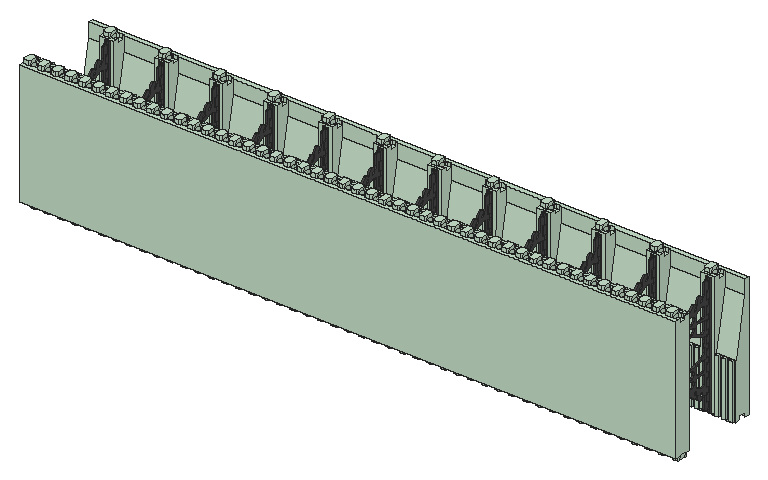
Revit family (continued)
Forms (mm)
  Extrusion 54, void
    sketch origin (1574.8, -0.018, 0) x (-1, 0, 0) y (0, -1, 0)
      loop
        arc (50.8, -101.014) -> (50.362, -98.696) -> (49.108, -96.698) r 6.35
        arc (49.108, -96.698) -> (48.795, -96.199) -> (48.685, -95.62) r 1.588
        line (48.685, -95.62) -> (48.685, -86.829) -> (44.346, -86.829) -> (44.346, -92.457)
        arc (44.346, -92.457) -> (43.786, -93.668) -> (42.5, -94.024) r 1.587
        arc (42.5, -94.024) -> (36.091, -93.737) -> (29.796, -94.972) r 26.988
        arc (29.796, -94.972) -> (26.615, -97.278) -> (25.4, -101.014) r 6.35
        line (25.4, -101.014) -> (25.4, -124.411)
    from 457.2 to 444.5
  Extrusion 55, void
    sketch origin (1371.6, -0.018, 0) x (-1, 0, 0) y (0, -1, 0)
      loop
        arc (25.4, -124.411) -> (26.615, -128.147) -> (29.796, -130.453) r 6.35
        arc (29.796, -130.453) -> (38.1, -131.763) -> (46.404, -130.453) r 26.987
        arc (46.404, -130.453) -> (49.585, -128.147) -> (50.8, -124.411) r 6.35
        line (50.8, -124.411) -> (50.8, -101.014)
        arc (50.8, -101.014) -> (50.362, -98.696) -> (49.108, -96.698) r 6.35
        arc (49.108, -96.698) -> (48.795, -96.199) -> (48.685, -95.62) r 1.588
        line (48.685, -95.62) -> (48.685, -86.829) -> (44.346, -86.829) -> (44.346, -92.457)
        arc (44.346, -92.457) -> (43.786, -93.668) -> (42.5, -94.024) r 1.587
        arc (42.5, -94.024) -> (36.091, -93.737) -> (29.796, -94.972) r 26.988
        arc (29.796, -94.972) -> (26.615, -97.278) -> (25.4, -101.014) r 6.35
        line (25.4, -101.014) -> (25.4, -124.411)
    from 457.2 to 444.5
  Extrusion 56, void
    sketch origin (1168.4, -0.018, 0) x (-1, 0, 0) y (0, -1, 0)
      loop
        arc (25.4, -124.411) -> (26.615, -128.147) -> (29.796, -130.453) r 6.35
        arc (29.796, -130.453) -> (38.1, -131.763) -> (46.404, -130.453) r 26.987
        arc (46.404, -130.453) -> (49.585, -128.147) -> (50.8, -124.411) r 6.35
        line (50.8, -124.411) -> (50.8, -101.014)
        arc (50.8, -101.014) -> (50.362, -98.696) -> (49.108, -96.698) r 6.35
        arc (49.108, -96.698) -> (48.795, -96.199) -> (48.685, -95.62) r 1.588
        line (48.685, -95.62) -> (48.685, -86.829) -> (44.346, -86.829) -> (44.346, -92.457)
        arc (44.346, -92.457) -> (43.786, -93.668) -> (42.5, -94.024) r 1.587
        arc (42.5, -94.024) -> (36.091, -93.737) -> (29.796, -94.972) r 26.988
        arc (29.796, -94.972) -> (26.615, -97.278) -> (25.4, -101.014) r 6.35
        line (25.4, -101.014) -> (25.4, -124.411)
    from 457.2 to 444.5
  Extrusion 57, void
    sketch origin (965.2, -0.018, 0) x (-1, 0, 0) y (0, -1, 0)
      loop
        arc (25.4, -124.411) -> (26.615, -128.147) -> (29.796, -130.453) r 6.35
        arc (29.796, -130.453) -> (38.1, -131.763) -> (46.404, -130.453) r 26.987
        arc (46.404, -130.453) -> (49.585, -128.147) -> (50.8, -124.411) r 6.35
        line (50.8, -124.411) -> (50.8, -101.014)
        arc (50.8, -101.014) -> (50.362, -98.696) -> (49.108, -96.698) r 6.35
        arc (49.108, -96.698) -> (48.795, -96.199) -> (48.685, -95.62) r 1.588
        line (48.685, -95.62) -> (48.685, -86.829) -> (44.346, -86.829) -> (44.346, -92.457)
        arc (44.346, -92.457) -> (43.786, -93.668) -> (42.5, -94.024) r 1.587
        arc (42.5, -94.024) -> (36.091, -93.737) -> (29.796, -94.972) r 26.988
        arc (29.796, -94.972) -> (26.615, -97.278) -> (25.4, -101.014) r 6.35
        line (25.4, -101.014) -> (25.4, -124.411)
    from 457.2 to 444.5
  Extrusion 58, void
    sketch origin (762, -0.018, 0) x (-1, 0, 0) y (0, -1, 0)
      loop
        arc (25.4, -124.411) -> (26.615, -128.147) -> (29.796, -130.453) r 6.35
        arc (29.796, -130.453) -> (38.1, -131.763) -> (46.404, -130.453) r 26.987
        arc (46.404, -130.453) -> (49.585, -128.147) -> (50.8, -124.411) r 6.35
        line (50.8, -124.411) -> (50.8, -101.014)
        arc (50.8, -101.014) -> (50.362, -98.696) -> (49.108, -96.698) r 6.35
        arc (49.108, -96.698) -> (48.795, -96.199) -> (48.685, -95.62) r 1.588
        line (48.685, -95.62) -> (48.685, -86.829) -> (44.346, -86.829) -> (44.346, -92.457)
        arc (44.346, -92.457) -> (43.786, -93.668) -> (42.5, -94.024) r 1.587
        arc (42.5, -94.024) -> (36.091, -93.737) -> (29.796, -94.972) r 26.988
        arc (29.796, -94.972) -> (26.615, -97.278) -> (25.4, -101.014) r 6.35
        line (25.4, -101.014) -> (25.4, -124.411)
    from 457.2 to 444.5
  Extrusion 59, void
    sketch origin (558.8, -0.018, 0) x (-1, 0, 0) y (0, -1, 0)
      loop
        arc (25.4, -124.411) -> (26.615, -128.147) -> (29.796, -130.453) r 6.35
        arc (29.796, -130.453) -> (38.1, -131.763) -> (46.404, -130.453) r 26.987
        arc (46.404, -130.453) -> (49.585, -128.147) -> (50.8, -124.411) r 6.35
        line (50.8, -124.411) -> (50.8, -101.014)
        arc (50.8, -101.014) -> (50.362, -98.696) -> (49.108, -96.698) r 6.35
        arc (49.108, -96.698) -> (48.795, -96.199) -> (48.685, -95.62) r 1.588
        line (48.685, -95.62) -> (48.685, -86.829) -> (44.346, -86.829) -> (44.346, -92.457)
        arc (44.346, -92.457) -> (43.786, -93.668) -> (42.5, -94.024) r 1.587
        arc (42.5, -94.024) -> (36.091, -93.737) -> (29.796, -94.972) r 26.988
        arc (29.796, -94.972) -> (26.615, -97.278) -> (25.4, -101.014) r 6.35
        line (25.4, -101.014) -> (25.4, -124.411)
    from 457.2 to 444.5
  Extrusion 60, void
    sketch origin (355.6, -0.018, 0) x (-1, 0, 0) y (0, -1, 0)
      loop
        arc (25.4, -124.411) -> (26.615, -128.147) -> (29.796, -130.453) r 6.35
        arc (29.796, -130.453) -> (38.1, -131.763) -> (46.404, -130.453) r 26.987
        arc (46.404, -130.453) -> (49.585, -128.147) -> (50.8, -124.411) r 6.35
        line (50.8, -124.411) -> (50.8, -101.014)
        arc (50.8, -101.014) -> (50.362, -98.696) -> (49.108, -96.698) r 6.35
        arc (49.108, -96.698) -> (48.795, -96.199) -> (48.685, -95.62) r 1.588
        line (48.685, -95.62) -> (48.685, -86.829) -> (44.346, -86.829) -> (44.346, -92.457)
        arc (44.346, -92.457) -> (43.786, -93.668) -> (42.5, -94.024) r 1.587
        arc (42.5, -94.024) -> (36.091, -93.737) -> (29.796, -94.972) r 26.988
        arc (29.796, -94.972) -> (26.615, -97.278) -> (25.4, -101.014) r 6.35
        line (25.4, -101.014) -> (25.4, -124.411)
    from 457.2 to 444.5
  Extrusion 61, void
    sketch origin (152.4, -0.018, 0) x (-1, 0, 0) y (0, -1, 0)
      loop
        arc (25.4, -124.411) -> (26.615, -128.147) -> (29.796, -130.453) r 6.35
        arc (29.796, -130.453) -> (38.1, -131.763) -> (46.404, -130.453) r 26.987
        arc (46.404, -130.453) -> (49.585, -128.147) -> (50.8, -124.411) r 6.35
        line (50.8, -124.411) -> (50.8, -101.014)
        arc (50.8, -101.014) -> (50.362, -98.696) -> (49.108, -96.698) r 6.35
        arc (49.108, -96.698) -> (48.795, -96.199) -> (48.685, -95.62) r 1.588
        line (48.685, -95.62) -> (48.685, -86.829) -> (44.346, -86.829) -> (44.346, -92.457)
        arc (44.346, -92.457) -> (43.786, -93.668) -> (42.5, -94.024) r 1.587
        arc (42.5, -94.024) -> (36.091, -93.737) -> (29.796, -94.972) r 26.988
        arc (29.796, -94.972) -> (26.615, -97.278) -> (25.4, -101.014) r 6.35
        line (25.4, -101.014) -> (25.4, -124.411)
    from 457.2 to 444.5
  Extrusion 62, void
    sketch origin (50.8, -50.818, 0) x (-1, 0, 0) y (0, -1, 0)
      loop
        line (25.4, 124.411) -> (25.4, 101.014)
        arc (25.4, 101.014) -> (26.615, 97.278) -> (29.796, 94.972) r 6.35
        arc (29.796, 94.972) -> (36.091, 93.737) -> (42.5, 94.024) r 26.988
        arc (42.5, 94.024) -> (43.786, 93.668) -> (44.346, 92.457) r 1.587
        line (44.346, 92.457) -> (44.346, 86.829) -> (48.685, 86.829) -> (48.685, 95.62)
        arc (48.685, 95.62) -> (48.795, 96.199) -> (49.108, 96.698) r 1.588
        arc (49.108, 96.698) -> (50.362, 98.696) -> (50.8, 101.014) r 6.35
        line (50.8, 101.014) -> (50.8, 124.411)
        arc (50.8, 124.411) -> (49.585, 128.147) -> (46.404, 130.453) r 6.35
        arc (46.404, 130.453) -> (38.1, 131.763) -> (29.796, 130.453) r 26.987
        arc (29.796, 130.453) -> (26.615, 128.147) -> (25.4, 124.411) r 6.35
    from 0 to 12.7
  Extrusion 63, void
    sketch origin (101.6, -50.818, 0) x (-1, 0, 0) y (0, -1, 0)
      loop
        line (25.4, 124.411) -> (25.4, 101.014)
        arc (25.4, 101.014) -> (26.615, 97.278) -> (29.796, 94.972) r 6.35
        arc (29.796, 94.972) -> (36.091, 93.737) -> (42.5, 94.024) r 26.988
        arc (42.5, 94.024) -> (43.786, 93.668) -> (44.346, 92.457) r 1.587
        line (44.346, 92.457) -> (44.346, 86.829) -> (48.685, 86.829) -> (48.685, 95.62)
        arc (48.685, 95.62) -> (48.795, 96.199) -> (49.108, 96.698) r 1.588
        arc (49.108, 96.698) -> (50.362, 98.696) -> (50.8, 101.014) r 6.35
        line (50.8, 101.014) -> (50.8, 124.411)
        arc (50.8, 124.411) -> (49.585, 128.147) -> (46.404, 130.453) r 6.35
        arc (46.404, 130.453) -> (38.1, 131.763) -> (29.796, 130.453) r 26.987
        arc (29.796, 130.453) -> (26.615, 128.147) -> (25.4, 124.411) r 6.35
    from 0 to 12.7
  Extrusion 64, void
    sketch origin (152.4, -50.818, 0) x (-1, 0, 0) y (0, -1, 0)
      loop
        line (25.4, 124.411) -> (25.4, 101.014)
        arc (25.4, 101.014) -> (26.615, 97.278) -> (29.796, 94.972) r 6.35
        arc (29.796, 94.972) -> (36.091, 93.737) -> (42.5, 94.024) r 26.988
        arc (42.5, 94.024) -> (43.786, 93.668) -> (44.346, 92.457) r 1.587
        line (44.346, 92.457) -> (44.346, 86.829) -> (48.685, 86.829) -> (48.685, 95.62)
        arc (48.685, 95.62) -> (48.795, 96.199) -> (49.108, 96.698) r 1.588
        arc (49.108, 96.698) -> (50.362, 98.696) -> (50.8, 101.014) r 6.35
        line (50.8, 101.014) -> (50.8, 124.411)
        arc (50.8, 124.411) -> (49.585, 128.147) -> (46.404, 130.453) r 6.35
        arc (46.404, 130.453) -> (38.1, 131.763) -> (29.796, 130.453) r 26.987
        arc (29.796, 130.453) -> (26.615, 128.147) -> (25.4, 124.411) r 6.35
    from 0 to 12.7
  Extrusion 65, void
    sketch origin (203.2, -50.818, 0) x (-1, 0, 0) y (0, -1, 0)
      loop
        line (25.4, 124.411) -> (25.4, 101.014)
        arc (25.4, 101.014) -> (26.615, 97.278) -> (29.796, 94.972) r 6.35
        arc (29.796, 94.972) -> (36.091, 93.737) -> (42.5, 94.024) r 26.988
        arc (42.5, 94.024) -> (43.786, 93.668) -> (44.346, 92.457) r 1.587
        line (44.346, 92.457) -> (44.346, 86.829) -> (48.685, 86.829) -> (48.685, 95.62)
        arc (48.685, 95.62) -> (48.795, 96.199) -> (49.108, 96.698) r 1.588
        arc (49.108, 96.698) -> (50.362, 98.696) -> (50.8, 101.014) r 6.35
        line (50.8, 101.014) -> (50.8, 124.411)
        arc (50.8, 124.411) -> (49.585, 128.147) -> (46.404, 130.453) r 6.35
        arc (46.404, 130.453) -> (38.1, 131.763) -> (29.796, 130.453) r 26.987
        arc (29.796, 130.453) -> (26.615, 128.147) -> (25.4, 124.411) r 6.35
    from 0 to 12.7
  Extrusion 66, void
    sketch origin (254, -50.818, 0) x (-1, 0, 0) y (0, -1, 0)
      loop
        line (25.4, 124.411) -> (25.4, 101.014)
        arc (25.4, 101.014) -> (26.615, 97.278) -> (29.796, 94.972) r 6.35
        arc (29.796, 94.972) -> (36.091, 93.737) -> (42.5, 94.024) r 26.988
        arc (42.5, 94.024) -> (43.786, 93.668) -> (44.346, 92.457) r 1.587
        line (44.346, 92.457) -> (44.346, 86.829) -> (48.685, 86.829) -> (48.685, 95.62)
        arc (48.685, 95.62) -> (48.795, 96.199) -> (49.108, 96.698) r 1.588
        arc (49.108, 96.698) -> (50.362, 98.696) -> (50.8, 101.014) r 6.35
        line (50.8, 101.014) -> (50.8, 124.411)
        arc (50.8, 124.411) -> (49.585, 128.147) -> (46.404, 130.453) r 6.35
        arc (46.404, 130.453) -> (38.1, 131.763) -> (29.796, 130.453) r 26.987
        arc (29.796, 130.453) -> (26.615, 128.147) -> (25.4, 124.411) r 6.35
    from 0 to 12.7
  Extrusion 67, void
    sketch origin (304.8, -50.818, 0) x (-1, 0, 0) y (0, -1, 0)
      loop
        line (25.4, 124.411) -> (25.4, 101.014)
        arc (25.4, 101.014) -> (26.615, 97.278) -> (29.796, 94.972) r 6.35
        arc (29.796, 94.972) -> (36.091, 93.737) -> (42.5, 94.024) r 26.988
        arc (42.5, 94.024) -> (43.786, 93.668) -> (44.346, 92.457) r 1.587
        line (44.346, 92.457) -> (44.346, 86.829) -> (48.685, 86.829) -> (48.685, 95.62)
        arc (48.685, 95.62) -> (48.795, 96.199) -> (49.108, 96.698) r 1.588
        arc (49.108, 96.698) -> (50.362, 98.696) -> (50.8, 101.014) r 6.35
        line (50.8, 101.014) -> (50.8, 124.411)
        arc (50.8, 124.411) -> (49.585, 128.147) -> (46.404, 130.453) r 6.35
        arc (46.404, 130.453) -> (38.1, 131.763) -> (29.796, 130.453) r 26.987
        arc (29.796, 130.453) -> (26.615, 128.147) -> (25.4, 124.411) r 6.35
    from 0 to 12.7
  Extrusion 68, void
    sketch origin (355.6, -50.818, 0) x (-1, 0, 0) y (0, -1, 0)
      loop
        line (25.4, 124.411) -> (25.4, 101.014)
        arc (25.4, 101.014) -> (26.615, 97.278) -> (29.796, 94.972) r 6.35
        arc (29.796, 94.972) -> (36.091, 93.737) -> (42.5, 94.024) r 26.988
        arc (42.5, 94.024) -> (43.786, 93.668) -> (44.346, 92.457) r 1.587
        line (44.346, 92.457) -> (44.346, 86.829) -> (48.685, 86.829) -> (48.685, 95.62)
        arc (48.685, 95.62) -> (48.795, 96.199) -> (49.108, 96.698) r 1.588
        arc (49.108, 96.698) -> (50.362, 98.696) -> (50.8, 101.014) r 6.35
        line (50.8, 101.014) -> (50.8, 124.411)
        arc (50.8, 124.411) -> (49.585, 128.147) -> (46.404, 130.453) r 6.35
        arc (46.404, 130.453) -> (38.1, 131.763) -> (29.796, 130.453) r 26.987
        arc (29.796, 130.453) -> (26.615, 128.147) -> (25.4, 124.411) r 6.35
    from 0 to 12.7
  Extrusion 69, void
    sketch origin (406.4, -50.818, 0) x (-1, 0, 0) y (0, -1, 0)
      loop
        line (25.4, 124.411) -> (25.4, 101.014)
        arc (25.4, 101.014) -> (26.615, 97.278) -> (29.796, 94.972) r 6.35
        arc (29.796, 94.972) -> (36.091, 93.737) -> (42.5, 94.024) r 26.988
        arc (42.5, 94.024) -> (43.786, 93.668) -> (44.346, 92.457) r 1.587
        line (44.346, 92.457) -> (44.346, 86.829) -> (48.685, 86.829) -> (48.685, 95.62)
        arc (48.685, 95.62) -> (48.795, 96.199) -> (49.108, 96.698) r 1.588
        arc (49.108, 96.698) -> (50.362, 98.696) -> (50.8, 101.014) r 6.35
        line (50.8, 101.014) -> (50.8, 124.411)
        arc (50.8, 124.411) -> (49.585, 128.147) -> (46.404, 130.453) r 6.35
        arc (46.404, 130.453) -> (38.1, 131.763) -> (29.796, 130.453) r 26.987
        arc (29.796, 130.453) -> (26.615, 128.147) -> (25.4, 124.411) r 6.35
    from 0 to 12.7
  Extrusion 70, void
    sketch origin (457.2, -50.818, 0) x (-1, 0, 0) y (0, -1, 0)
      loop
        line (25.4, 124.411) -> (25.4, 101.014)
        arc (25.4, 101.014) -> (26.615, 97.278) -> (29.796, 94.972) r 6.35
        arc (29.796, 94.972) -> (36.091, 93.737) -> (42.5, 94.024) r 26.988
        arc (42.5, 94.024) -> (43.786, 93.668) -> (44.346, 92.457) r 1.587
        line (44.346, 92.457) -> (44.346, 86.829) -> (48.685, 86.829) -> (48.685, 95.62)
        arc (48.685, 95.62) -> (48.795, 96.199) -> (49.108, 96.698) r 1.588
        arc (49.108, 96.698) -> (50.362, 98.696) -> (50.8, 101.014) r 6.35
        line (50.8, 101.014) -> (50.8, 124.411)
        arc (50.8, 124.411) -> (49.585, 128.147) -> (46.404, 130.453) r 6.35
        arc (46.404, 130.453) -> (38.1, 131.763) -> (29.796, 130.453) r 26.987
        arc (29.796, 130.453) -> (26.615, 128.147) -> (25.4, 124.411) r 6.35
    from 0 to 12.7
  Extrusion 71, void
    sketch origin (508, -50.818, 0) x (-1, 0, 0) y (0, -1, 0)
      loop
        line (25.4, 124.411) -> (25.4, 101.014)
        arc (25.4, 101.014) -> (26.615, 97.278) -> (29.796, 94.972) r 6.35
        arc (29.796, 94.972) -> (36.091, 93.737) -> (42.5, 94.024) r 26.988
        arc (42.5, 94.024) -> (43.786, 93.668) -> (44.346, 92.457) r 1.587
        line (44.346, 92.457) -> (44.346, 86.829) -> (48.685, 86.829) -> (48.685, 95.62)
        arc (48.685, 95.62) -> (48.795, 96.199) -> (49.108, 96.698) r 1.588
        arc (49.108, 96.698) -> (50.362, 98.696) -> (50.8, 101.014) r 6.35
        line (50.8, 101.014) -> (50.8, 124.411)
        arc (50.8, 124.411) -> (49.585, 128.147) -> (46.404, 130.453) r 6.35
        arc (46.404, 130.453) -> (38.1, 131.763) -> (29.796, 130.453) r 26.987
        arc (29.796, 130.453) -> (26.615, 128.147) -> (25.4, 124.411) r 6.35
    from 0 to 12.7
  Extrusion 72, void
    sketch origin (558.8, -50.818, 0) x (-1, 0, 0) y (0, -1, 0)
      loop
        line (25.4, 124.411) -> (25.4, 101.014)
        arc (25.4, 101.014) -> (26.615, 97.278) -> (29.796, 94.972) r 6.35
        arc (29.796, 94.972) -> (36.091, 93.737) -> (42.5, 94.024) r 26.988
        arc (42.5, 94.024) -> (43.786, 93.668) -> (44.346, 92.457) r 1.587
        line (44.346, 92.457) -> (44.346, 86.829) -> (48.685, 86.829) -> (48.685, 95.62)
        arc (48.685, 95.62) -> (48.795, 96.199) -> (49.108, 96.698) r 1.588
        arc (49.108, 96.698) -> (50.362, 98.696) -> (50.8, 101.014) r 6.35
        line (50.8, 101.014) -> (50.8, 124.411)
        arc (50.8, 124.411) -> (49.585, 128.147) -> (46.404, 130.453) r 6.35
        arc (46.404, 130.453) -> (38.1, 131.763) -> (29.796, 130.453) r 26.987
        arc (29.796, 130.453) -> (26.615, 128.147) -> (25.4, 124.411) r 6.35
    from 0 to 12.7
  Extrusion 73, void
    sketch origin (609.6, -50.818, 0) x (-1, 0, 0) y (0, -1, 0)
      loop
        line (25.4, 124.411) -> (25.4, 101.014)
        arc (25.4, 101.014) -> (26.615, 97.278) -> (29.796, 94.972) r 6.35
        arc (29.796, 94.972) -> (36.091, 93.737) -> (42.5, 94.024) r 26.988
        arc (42.5, 94.024) -> (43.786, 93.668) -> (44.346, 92.457) r 1.587
        line (44.346, 92.457) -> (44.346, 86.829) -> (48.685, 86.829) -> (48.685, 95.62)
        arc (48.685, 95.62) -> (48.795, 96.199) -> (49.108, 96.698) r 1.588
        arc (49.108, 96.698) -> (50.362, 98.696) -> (50.8, 101.014) r 6.35
        line (50.8, 101.014) -> (50.8, 124.411)
        arc (50.8, 124.411) -> (49.585, 128.147) -> (46.404, 130.453) r 6.35
        arc (46.404, 130.453) -> (38.1, 131.763) -> (29.796, 130.453) r 26.987
        arc (29.796, 130.453) -> (26.615, 128.147) -> (25.4, 124.411) r 6.35
    from 0 to 12.7
  Extrusion 74, void
    sketch origin (660.4, -50.818, 0) x (-1, 0, 0) y (0, -1, 0)
      loop
        line (25.4, 124.411) -> (25.4, 101.014)
        arc (25.4, 101.014) -> (26.615, 97.278) -> (29.796, 94.972) r 6.35
        arc (29.796, 94.972) -> (36.091, 93.737) -> (42.5, 94.024) r 26.988
        arc (42.5, 94.024) -> (43.786, 93.668) -> (44.346, 92.457) r 1.587
        line (44.346, 92.457) -> (44.346, 86.829) -> (48.685, 86.829) -> (48.685, 95.62)
        arc (48.685, 95.62) -> (48.795, 96.199) -> (49.108, 96.698) r 1.588
        arc (49.108, 96.698) -> (50.362, 98.696) -> (50.8, 101.014) r 6.35
        line (50.8, 101.014) -> (50.8, 124.411)
        arc (50.8, 124.411) -> (49.585, 128.147) -> (46.404, 130.453) r 6.35
        arc (46.404, 130.453) -> (38.1, 131.763) -> (29.796, 130.453) r 26.987
        arc (29.796, 130.453) -> (26.615, 128.147) -> (25.4, 124.411) r 6.35
    from 0 to 12.7
  Extrusion 75, void
    sketch origin (711.2, -50.818, 0) x (-1, 0, 0) y (0, -1, 0)
      loop
        line (25.4, 124.411) -> (25.4, 101.014)
        arc (25.4, 101.014) -> (26.615, 97.278) -> (29.796, 94.972) r 6.35
        arc (29.796, 94.972) -> (36.091, 93.737) -> (42.5, 94.024) r 26.988
        arc (42.5, 94.024) -> (43.786, 93.668) -> (44.346, 92.457) r 1.587
        line (44.346, 92.457) -> (44.346, 86.829) -> (48.685, 86.829) -> (48.685, 95.62)
        arc (48.685, 95.62) -> (48.795, 96.199) -> (49.108, 96.698) r 1.588
        arc (49.108, 96.698) -> (50.362, 98.696) -> (50.8, 101.014) r 6.35
        line (50.8, 101.014) -> (50.8, 124.411)
        arc (50.8, 124.411) -> (49.585, 128.147) -> (46.404, 130.453) r 6.35
        arc (46.404, 130.453) -> (38.1, 131.763) -> (29.796, 130.453) r 26.987
        arc (29.796, 130.453) -> (26.615, 128.147) -> (25.4, 124.411) r 6.35
    from 0 to 12.7
  Extrusion 76, void
    sketch origin (762, -50.818, 0) x (-1, 0, 0) y (0, -1, 0)
      loop
        line (25.4, 124.411) -> (25.4, 101.014)
        arc (25.4, 101.014) -> (26.615, 97.278) -> (29.796, 94.972) r 6.35
        arc (29.796, 94.972) -> (36.091, 93.737) -> (42.5, 94.024) r 26.988
        arc (42.5, 94.024) -> (43.786, 93.668) -> (44.346, 92.457) r 1.587
        line (44.346, 92.457) -> (44.346, 86.829) -> (48.685, 86.829) -> (48.685, 95.62)
        arc (48.685, 95.62) -> (48.795, 96.199) -> (49.108, 96.698) r 1.588
        arc (49.108, 96.698) -> (50.362, 98.696) -> (50.8, 101.014) r 6.35
        line (50.8, 101.014) -> (50.8, 124.411)
        arc (50.8, 124.411) -> (49.585, 128.147) -> (46.404, 130.453) r 6.35
        arc (46.404, 130.453) -> (38.1, 131.763) -> (29.796, 130.453) r 26.987
        arc (29.796, 130.453) -> (26.615, 128.147) -> (25.4, 124.411) r 6.35
    from 0 to 12.7
  Extrusion 77, void
    sketch origin (812.8, -50.818, 0) x (-1, 0, 0) y (0, -1, 0)
      loop
        line (25.4, 124.411) -> (25.4, 101.014)
        arc (25.4, 101.014) -> (26.615, 97.278) -> (29.796, 94.972) r 6.35
        arc (29.796, 94.972) -> (36.091, 93.737) -> (42.5, 94.024) r 26.988
        arc (42.5, 94.024) -> (43.786, 93.668) -> (44.346, 92.457) r 1.587
        line (44.346, 92.457) -> (44.346, 86.829) -> (48.685, 86.829) -> (48.685, 95.62)
        arc (48.685, 95.62) -> (48.795, 96.199) -> (49.108, 96.698) r 1.588
        arc (49.108, 96.698) -> (50.362, 98.696) -> (50.8, 101.014) r 6.35
        line (50.8, 101.014) -> (50.8, 124.411)
        arc (50.8, 124.411) -> (49.585, 128.147) -> (46.404, 130.453) r 6.35
        arc (46.404, 130.453) -> (38.1, 131.763) -> (29.796, 130.453) r 26.987
        arc (29.796, 130.453) -> (26.615, 128.147) -> (25.4, 124.411) r 6.35
    from 0 to 12.7
  Extrusion 78, void
    sketch origin (863.6, -50.818, 0) x (-1, 0, 0) y (0, -1, 0)
      loop
        line (25.4, 124.411) -> (25.4, 101.014)
        arc (25.4, 101.014) -> (26.615, 97.278) -> (29.796, 94.972) r 6.35
        arc (29.796, 94.972) -> (36.091, 93.737) -> (42.5, 94.024) r 26.988
        arc (42.5, 94.024) -> (43.786, 93.668) -> (44.346, 92.457) r 1.587
        line (44.346, 92.457) -> (44.346, 86.829) -> (48.685, 86.829) -> (48.685, 95.62)
        arc (48.685, 95.62) -> (48.795, 96.199) -> (49.108, 96.698) r 1.588
        arc (49.108, 96.698) -> (50.362, 98.696) -> (50.8, 101.014) r 6.35
        line (50.8, 101.014) -> (50.8, 124.411)
        arc (50.8, 124.411) -> (49.585, 128.147) -> (46.404, 130.453) r 6.35
        arc (46.404, 130.453) -> (38.1, 131.763) -> (29.796, 130.453) r 26.987
        arc (29.796, 130.453) -> (26.615, 128.147) -> (25.4, 124.411) r 6.35
    from 0 to 12.7
  Extrusion 79, void
    sketch origin (914.4, -50.818, 0) x (-1, 0, 0) y (0, -1, 0)
      loop
        line (25.4, 124.411) -> (25.4, 101.014)
        arc (25.4, 101.014) -> (26.615, 97.278) -> (29.796, 94.972) r 6.35
        arc (29.796, 94.972) -> (36.091, 93.737) -> (42.5, 94.024) r 26.988
        arc (42.5, 94.024) -> (43.786, 93.668) -> (44.346, 92.457) r 1.587
        line (44.346, 92.457) -> (44.346, 86.829) -> (48.685, 86.829) -> (48.685, 95.62)
        arc (48.685, 95.62) -> (48.795, 96.199) -> (49.108, 96.698) r 1.588
        arc (49.108, 96.698) -> (50.362, 98.696) -> (50.8, 101.014) r 6.35
        line (50.8, 101.014) -> (50.8, 124.411)
        arc (50.8, 124.411) -> (49.585, 128.147) -> (46.404, 130.453) r 6.35
        arc (46.404, 130.453) -> (38.1, 131.763) -> (29.796, 130.453) r 26.987
        arc (29.796, 130.453) -> (26.615, 128.147) -> (25.4, 124.411) r 6.35
    from 0 to 12.7
  Extrusion 80, void
    sketch origin (965.2, -50.818, 0) x (-1, 0, 0) y (0, -1, 0)
      loop
        line (25.4, 124.411) -> (25.4, 101.014)
        arc (25.4, 101.014) -> (26.615, 97.278) -> (29.796, 94.972) r 6.35
        arc (29.796, 94.972) -> (36.091, 93.737) -> (42.5, 94.024) r 26.988
        arc (42.5, 94.024) -> (43.786, 93.668) -> (44.346, 92.457) r 1.587
        line (44.346, 92.457) -> (44.346, 86.829) -> (48.685, 86.829) -> (48.685, 95.62)
        arc (48.685, 95.62) -> (48.795, 96.199) -> (49.108, 96.698) r 1.588
        arc (49.108, 96.698) -> (50.362, 98.696) -> (50.8, 101.014) r 6.35
        line (50.8, 101.014) -> (50.8, 124.411)
        arc (50.8, 124.411) -> (49.585, 128.147) -> (46.404, 130.453) r 6.35
        arc (46.404, 130.453) -> (38.1, 131.763) -> (29.796, 130.453) r 26.987
        arc (29.796, 130.453) -> (26.615, 128.147) -> (25.4, 124.411) r 6.35
    from 0 to 12.7
  Extrusion 81, void
    sketch origin (1016, -50.818, 0) x (-1, 0, 0) y (0, -1, 0)
      loop
        line (25.4, 124.411) -> (25.4, 101.014)
        arc (25.4, 101.014) -> (26.615, 97.278) -> (29.796, 94.972) r 6.35
        arc (29.796, 94.972) -> (36.091, 93.737) -> (42.5, 94.024) r 26.988
        arc (42.5, 94.024) -> (43.786, 93.668) -> (44.346, 92.457) r 1.587
        line (44.346, 92.457) -> (44.346, 86.829) -> (48.685, 86.829) -> (48.685, 95.62)
        arc (48.685, 95.62) -> (48.795, 96.199) -> (49.108, 96.698) r 1.588
        arc (49.108, 96.698) -> (50.362, 98.696) -> (50.8, 101.014) r 6.35
        line (50.8, 101.014) -> (50.8, 124.411)
        arc (50.8, 124.411) -> (49.585, 128.147) -> (46.404, 130.453) r 6.35
        arc (46.404, 130.453) -> (38.1, 131.763) -> (29.796, 130.453) r 26.987
        arc (29.796, 130.453) -> (26.615, 128.147) -> (25.4, 124.411) r 6.35
    from 0 to 12.7
  Extrusion 82, void
    sketch origin (1066.8, -50.818, 0) x (-1, 0, 0) y (0, -1, 0)
      loop
        line (25.4, 124.411) -> (25.4, 101.014)
        arc (25.4, 101.014) -> (26.615, 97.278) -> (29.796, 94.972) r 6.35
        arc (29.796, 94.972) -> (36.091, 93.737) -> (42.5, 94.024) r 26.988
        arc (42.5, 94.024) -> (43.786, 93.668) -> (44.346, 92.457) r 1.587
        line (44.346, 92.457) -> (44.346, 86.829) -> (48.685, 86.829) -> (48.685, 95.62)
        arc (48.685, 95.62) -> (48.795, 96.199) -> (49.108, 96.698) r 1.588
        arc (49.108, 96.698) -> (50.362, 98.696) -> (50.8, 101.014) r 6.35
        line (50.8, 101.014) -> (50.8, 124.411)
        arc (50.8, 124.411) -> (49.585, 128.147) -> (46.404, 130.453) r 6.35
        arc (46.404, 130.453) -> (38.1, 131.763) -> (29.796, 130.453) r 26.987
        arc (29.796, 130.453) -> (26.615, 128.147) -> (25.4, 124.411) r 6.35
    from 0 to 12.7
  Extrusion 83, void
    sketch origin (1117.6, -50.818, 0) x (-1, 0, 0) y (0, -1, 0)
      loop
        line (25.4, 124.411) -> (25.4, 101.014)
        arc (25.4, 101.014) -> (26.615, 97.278) -> (29.796, 94.972) r 6.35
        arc (29.796, 94.972) -> (36.091, 93.737) -> (42.5, 94.024) r 26.988
        arc (42.5, 94.024) -> (43.786, 93.668) -> (44.346, 92.457) r 1.587
        line (44.346, 92.457) -> (44.346, 86.829) -> (48.685, 86.829) -> (48.685, 95.62)
        arc (48.685, 95.62) -> (48.795, 96.199) -> (49.108, 96.698) r 1.588
        arc (49.108, 96.698) -> (50.362, 98.696) -> (50.8, 101.014) r 6.35
        line (50.8, 101.014) -> (50.8, 124.411)
        arc (50.8, 124.411) -> (49.585, 128.147) -> (46.404, 130.453) r 6.35
        arc (46.404, 130.453) -> (38.1, 131.763) -> (29.796, 130.453) r 26.987
        arc (29.796, 130.453) -> (26.615, 128.147) -> (25.4, 124.411) r 6.35
    from 0 to 12.7
  Extrusion 84, void
    sketch origin (1168.4, -50.818, 0) x (-1, 0, 0) y (0, -1, 0)
      loop
        line (25.4, 124.411) -> (25.4, 101.014)
        arc (25.4, 101.014) -> (26.615, 97.278) -> (29.796, 94.972) r 6.35
        arc (29.796, 94.972) -> (36.091, 93.737) -> (42.5, 94.024) r 26.988
        arc (42.5, 94.024) -> (43.786, 93.668) -> (44.346, 92.457) r 1.587
        line (44.346, 92.457) -> (44.346, 86.829) -> (48.685, 86.829) -> (48.685, 95.62)
        arc (48.685, 95.62) -> (48.795, 96.199) -> (49.108, 96.698) r 1.588
        arc (49.108, 96.698) -> (50.362, 98.696) -> (50.8, 101.014) r 6.35
        line (50.8, 101.014) -> (50.8, 124.411)
        arc (50.8, 124.411) -> (49.585, 128.147) -> (46.404, 130.453) r 6.35
        arc (46.404, 130.453) -> (38.1, 131.763) -> (29.796, 130.453) r 26.987
        arc (29.796, 130.453) -> (26.615, 128.147) -> (25.4, 124.411) r 6.35
    from 0 to 12.7
  Extrusion 85, void
    sketch origin (1219.2, -50.818, 0) x (-1, 0, 0) y (0, -1, 0)
      loop
        line (25.4, 124.411) -> (25.4, 101.014)
        arc (25.4, 101.014) -> (26.615, 97.278) -> (29.796, 94.972) r 6.35
        arc (29.796, 94.972) -> (36.091, 93.737) -> (42.5, 94.024) r 26.988
        arc (42.5, 94.024) -> (43.786, 93.668) -> (44.346, 92.457) r 1.587
        line (44.346, 92.457) -> (44.346, 86.829) -> (48.685, 86.829) -> (48.685, 95.62)
        arc (48.685, 95.62) -> (48.795, 96.199) -> (49.108, 96.698) r 1.588
        arc (49.108, 96.698) -> (50.362, 98.696) -> (50.8, 101.014) r 6.35
        line (50.8, 101.014) -> (50.8, 124.411)
        arc (50.8, 124.411) -> (49.585, 128.147) -> (46.404, 130.453) r 6.35
        arc (46.404, 130.453) -> (38.1, 131.763) -> (29.796, 130.453) r 26.987
        arc (29.796, 130.453) -> (26.615, 128.147) -> (25.4, 124.411) r 6.35
    from 0 to 12.7
  Extrusion 86, void
    sketch origin (1270, -50.818, 0) x (-1, 0, 0) y (0, -1, 0)
      loop
        line (25.4, 124.411) -> (25.4, 101.014)
        arc (25.4, 101.014) -> (26.615, 97.278) -> (29.796, 94.972) r 6.35
        arc (29.796, 94.972) -> (36.091, 93.737) -> (42.5, 94.024) r 26.988
        arc (42.5, 94.024) -> (43.786, 93.668) -> (44.346, 92.457) r 1.587
        line (44.346, 92.457) -> (44.346, 86.829) -> (48.685, 86.829) -> (48.685, 95.62)
        arc (48.685, 95.62) -> (48.795, 96.199) -> (49.108, 96.698) r 1.588
        arc (49.108, 96.698) -> (50.362, 98.696) -> (50.8, 101.014) r 6.35
        line (50.8, 101.014) -> (50.8, 124.411)
        arc (50.8, 124.411) -> (49.585, 128.147) -> (46.404, 130.453) r 6.35
        arc (46.404, 130.453) -> (38.1, 131.763) -> (29.796, 130.453) r 26.987
        arc (29.796, 130.453) -> (26.615, 128.147) -> (25.4, 124.411) r 6.35
    from 0 to 12.7
  Extrusion 87, void
    sketch origin (1320.8, -50.818, 0) x (-1, 0, 0) y (0, -1, 0)
      loop
        line (25.4, 124.411) -> (25.4, 101.014)
        arc (25.4, 101.014) -> (26.615, 97.278) -> (29.796, 94.972) r 6.35
        arc (29.796, 94.972) -> (36.091, 93.737) -> (42.5, 94.024) r 26.988
        arc (42.5, 94.024) -> (43.786, 93.668) -> (44.346, 92.457) r 1.587
        line (44.346, 92.457) -> (44.346, 86.829) -> (48.685, 86.829) -> (48.685, 95.62)
        arc (48.685, 95.62) -> (48.795, 96.199) -> (49.108, 96.698) r 1.588
        arc (49.108, 96.698) -> (50.362, 98.696) -> (50.8, 101.014) r 6.35
        line (50.8, 101.014) -> (50.8, 124.411)
        arc (50.8, 124.411) -> (49.585, 128.147) -> (46.404, 130.453) r 6.35
        arc (46.404, 130.453) -> (38.1, 131.763) -> (29.796, 130.453) r 26.987
        arc (29.796, 130.453) -> (26.615, 128.147) -> (25.4, 124.411) r 6.35
    from 0 to 12.7
  Extrusion 88, void
    sketch origin (1371.6, -50.818, 0) x (-1, 0, 0) y (0, -1, 0)
      loop
        line (25.4, 124.411) -> (25.4, 101.014)
        arc (25.4, 101.014) -> (26.615, 97.278) -> (29.796, 94.972) r 6.35
        arc (29.796, 94.972) -> (36.091, 93.737) -> (42.5, 94.024) r 26.988
        arc (42.5, 94.024) -> (43.786, 93.668) -> (44.346, 92.457) r 1.587
        line (44.346, 92.457) -> (44.346, 86.829) -> (48.685, 86.829) -> (48.685, 95.62)
        arc (48.685, 95.62) -> (48.795, 96.199) -> (49.108, 96.698) r 1.588
        arc (49.108, 96.698) -> (50.362, 98.696) -> (50.8, 101.014) r 6.35
        line (50.8, 101.014) -> (50.8, 124.411)
        arc (50.8, 124.411) -> (49.585, 128.147) -> (46.404, 130.453) r 6.35
        arc (46.404, 130.453) -> (38.1, 131.763) -> (29.796, 130.453) r 26.987
        arc (29.796, 130.453) -> (26.615, 128.147) -> (25.4, 124.411) r 6.35
    from 0 to 12.7
  Extrusion 89, void
    sketch origin (1422.4, -50.818, 0) x (-1, 0, 0) y (0, -1, 0)
      loop
        line (25.4, 124.411) -> (25.4, 101.014)
        arc (25.4, 101.014) -> (26.615, 97.278) -> (29.796, 94.972) r 6.35
        arc (29.796, 94.972) -> (36.091, 93.737) -> (42.5, 94.024) r 26.988
        arc (42.5, 94.024) -> (43.786, 93.668) -> (44.346, 92.457) r 1.587
        line (44.346, 92.457) -> (44.346, 86.829) -> (48.685, 86.829) -> (48.685, 95.62)
        arc (48.685, 95.62) -> (48.795, 96.199) -> (49.108, 96.698) r 1.588
        arc (49.108, 96.698) -> (50.362, 98.696) -> (50.8, 101.014) r 6.35
        line (50.8, 101.014) -> (50.8, 124.411)
        arc (50.8, 124.411) -> (49.585, 128.147) -> (46.404, 130.453) r 6.35
        arc (46.404, 130.453) -> (38.1, 131.763) -> (29.796, 130.453) r 26.987
        arc (29.796, 130.453) -> (26.615, 128.147) -> (25.4, 124.411) r 6.35
    from 0 to 12.7
  Extrusion 90, void
    sketch origin (1473.2, -50.818, 0) x (-1, 0, 0) y (0, -1, 0)
      loop
        line (25.4, 124.411) -> (25.4, 101.014)
        arc (25.4, 101.014) -> (26.615, 97.278) -> (29.796, 94.972) r 6.35
        arc (29.796, 94.972) -> (36.091, 93.737) -> (42.5, 94.024) r 26.988
        arc (42.5, 94.024) -> (43.786, 93.668) -> (44.346, 92.457) r 1.587
        line (44.346, 92.457) -> (44.346, 86.829) -> (48.685, 86.829) -> (48.685, 95.62)
        arc (48.685, 95.62) -> (48.795, 96.199) -> (49.108, 96.698) r 1.588
        arc (49.108, 96.698) -> (50.362, 98.696) -> (50.8, 101.014) r 6.35
        line (50.8, 101.014) -> (50.8, 124.411)
        arc (50.8, 124.411) -> (49.585, 128.147) -> (46.404, 130.453) r 6.35
        arc (46.404, 130.453) -> (38.1, 131.763) -> (29.796, 130.453) r 26.987
        arc (29.796, 130.453) -> (26.615, 128.147) -> (25.4, 124.411) r 6.35
    from 0 to 12.7
  Extrusion 91, void
    sketch origin (1524, -50.818, 0) x (-1, 0, 0) y (0, -1, 0)
      loop
        line (25.4, 124.411) -> (25.4, 101.014)
        arc (25.4, 101.014) -> (26.615, 97.278) -> (29.796, 94.972) r 6.35
        arc (29.796, 94.972) -> (36.091, 93.737) -> (42.5, 94.024) r 26.988
        arc (42.5, 94.024) -> (43.786, 93.668) -> (44.346, 92.457) r 1.587
        line (44.346, 92.457) -> (44.346, 86.829) -> (48.685, 86.829) -> (48.685, 95.62)
        arc (48.685, 95.62) -> (48.795, 96.199) -> (49.108, 96.698) r 1.588
        arc (49.108, 96.698) -> (50.362, 98.696) -> (50.8, 101.014) r 6.35
        line (50.8, 101.014) -> (50.8, 124.411)
        arc (50.8, 124.411) -> (49.585, 128.147) -> (46.404, 130.453) r 6.35
        arc (46.404, 130.453) -> (38.1, 131.763) -> (29.796, 130.453) r 26.987
        arc (29.796, 130.453) -> (26.615, 128.147) -> (25.4, 124.411) r 6.35
    from 0 to 12.7
  Extrusion 92, void
    sketch origin (1574.8, -50.818, 0) x (-1, 0, 0) y (0, -1, 0)
      loop
        line (25.4, 124.411) -> (25.4, 101.014)
        arc (25.4, 101.014) -> (26.615, 97.278) -> (29.796, 94.972) r 6.35
        arc (29.796, 94.972) -> (36.091, 93.737) -> (42.5, 94.024) r 26.988
        arc (42.5, 94.024) -> (43.786, 93.668) -> (44.346, 92.457) r 1.587
        line (44.346, 92.457) -> (44.346, 86.829) -> (48.685, 86.829) -> (48.685, 95.62)
        arc (48.685, 95.62) -> (48.795, 96.199) -> (49.108, 96.698) r 1.588
        arc (49.108, 96.698) -> (50.362, 98.696) -> (50.8, 101.014) r 6.35
        line (50.8, 101.014) -> (50.8, 124.411)
        arc (50.8, 124.411) -> (49.585, 128.147) -> (46.404, 130.453) r 6.35
        arc (46.404, 130.453) -> (38.1, 131.763) -> (29.796, 130.453) r 26.987
        arc (29.796, 130.453) -> (26.615, 128.147) -> (25.4, 124.411) r 6.35
    from 0 to 12.7
  Extrusion 93, void
    sketch origin (1625.6, -50.818, 0) x (-1, 0, 0) y (0, -1, 0)
      loop
        line (25.4, 124.411) -> (25.4, 101.014)
        arc (25.4, 101.014) -> (26.615, 97.278) -> (29.796, 94.972) r 6.35
        arc (29.796, 94.972) -> (36.091, 93.737) -> (42.5, 94.024) r 26.988
        arc (42.5, 94.024) -> (43.786, 93.668) -> (44.346, 92.457) r 1.587
        line (44.346, 92.457) -> (44.346, 86.829) -> (48.685, 86.829) -> (48.685, 95.62)
        arc (48.685, 95.62) -> (48.795, 96.199) -> (49.108, 96.698) r 1.588
        arc (49.108, 96.698) -> (50.362, 98.696) -> (50.8, 101.014) r 6.35
        line (50.8, 101.014) -> (50.8, 124.411)
        arc (50.8, 124.411) -> (49.585, 128.147) -> (46.404, 130.453) r 6.35
        arc (46.404, 130.453) -> (38.1, 131.763) -> (29.796, 130.453) r 26.987
        arc (29.796, 130.453) -> (26.615, 128.147) -> (25.4, 124.411) r 6.35
    from 0 to 12.7
  Extrusion 94, void
    sketch origin (1676.4, -50.818, 0) x (-1, 0, 0) y (0, -1, 0)
      loop
        line (25.4, 124.411) -> (25.4, 101.014)
        arc (25.4, 101.014) -> (26.615, 97.278) -> (29.796, 94.972) r 6.35
        arc (29.796, 94.972) -> (36.091, 93.737) -> (42.5, 94.024) r 26.988
        arc (42.5, 94.024) -> (43.786, 93.668) -> (44.346, 92.457) r 1.587
        line (44.346, 92.457) -> (44.346, 86.829) -> (48.685, 86.829) -> (48.685, 95.62)
        arc (48.685, 95.62) -> (48.795, 96.199) -> (49.108, 96.698) r 1.588
        arc (49.108, 96.698) -> (50.362, 98.696) -> (50.8, 101.014) r 6.35
        line (50.8, 101.014) -> (50.8, 124.411)
        arc (50.8, 124.411) -> (49.585, 128.147) -> (46.404, 130.453) r 6.35
        arc (46.404, 130.453) -> (38.1, 131.763) -> (29.796, 130.453) r 26.987
        arc (29.796, 130.453) -> (26.615, 128.147) -> (25.4, 124.411) r 6.35
    from 0 to 12.7
  Extrusion 95, void
    sketch origin (1727.2, -50.818, 0) x (-1, 0, 0) y (0, -1, 0)
      loop
        line (25.4, 124.411) -> (25.4, 101.014)
        arc (25.4, 101.014) -> (26.615, 97.278) -> (29.796, 94.972) r 6.35
        arc (29.796, 94.972) -> (36.091, 93.737) -> (42.5, 94.024) r 26.988
        arc (42.5, 94.024) -> (43.786, 93.668) -> (44.346, 92.457) r 1.587
        line (44.346, 92.457) -> (44.346, 86.829) -> (48.685, 86.829) -> (48.685, 95.62)
        arc (48.685, 95.62) -> (48.795, 96.199) -> (49.108, 96.698) r 1.588
        arc (49.108, 96.698) -> (50.362, 98.696) -> (50.8, 101.014) r 6.35
        line (50.8, 101.014) -> (50.8, 124.411)
        arc (50.8, 124.411) -> (49.585, 128.147) -> (46.404, 130.453) r 6.35
        arc (46.404, 130.453) -> (38.1, 131.763) -> (29.796, 130.453) r 26.987
        arc (29.796, 130.453) -> (26.615, 128.147) -> (25.4, 124.411) r 6.35
    from 0 to 12.7
  Extrusion 96, void
    sketch origin (1778, -50.818, 0) x (-1, 0, 0) y (0, -1, 0)
      loop
        line (25.4, 124.411) -> (25.4, 101.014)
        arc (25.4, 101.014) -> (26.615, 97.278) -> (29.796, 94.972) r 6.35
        arc (29.796, 94.972) -> (36.091, 93.737) -> (42.5, 94.024) r 26.988
        arc (42.5, 94.024) -> (43.786, 93.668) -> (44.346, 92.457) r 1.587
        line (44.346, 92.457) -> (44.346, 86.829) -> (48.685, 86.829) -> (48.685, 95.62)
        arc (48.685, 95.62) -> (48.795, 96.199) -> (49.108, 96.698) r 1.588
        arc (49.108, 96.698) -> (50.362, 98.696) -> (50.8, 101.014) r 6.35
        line (50.8, 101.014) -> (50.8, 124.411)
        arc (50.8, 124.411) -> (49.585, 128.147) -> (46.404, 130.453) r 6.35
        arc (46.404, 130.453) -> (38.1, 131.763) -> (29.796, 130.453) r 26.987
        arc (29.796, 130.453) -> (26.615, 128.147) -> (25.4, 124.411) r 6.35
    from 0 to 12.7
  Extrusion 97, void
    sketch origin (1828.8, -50.818, 0) x (-1, 0, 0) y (0, -1, 0)
      loop
        line (25.4, 124.411) -> (25.4, 101.014)
        arc (25.4, 101.014) -> (26.615, 97.278) -> (29.796, 94.972) r 6.35
        arc (29.796, 94.972) -> (36.091, 93.737) -> (42.5, 94.024) r 26.988
        arc (42.5, 94.024) -> (43.786, 93.668) -> (44.346, 92.457) r 1.587
        line (44.346, 92.457) -> (44.346, 86.829) -> (48.685, 86.829) -> (48.685, 95.62)
        arc (48.685, 95.62) -> (48.795, 96.199) -> (49.108, 96.698) r 1.588
        arc (49.108, 96.698) -> (50.362, 98.696) -> (50.8, 101.014) r 6.35
        line (50.8, 101.014) -> (50.8, 124.411)
        arc (50.8, 124.411) -> (49.585, 128.147) -> (46.404, 130.453) r 6.35
        arc (46.404, 130.453) -> (38.1, 131.763) -> (29.796, 130.453) r 26.987
        arc (29.796, 130.453) -> (26.615, 128.147) -> (25.4, 124.411) r 6.35
    from 0 to 12.7
  Extrusion 98, void
    sketch origin (1879.6, -50.818, 0) x (-1, 0, 0) y (0, -1, 0)
      loop
        line (25.4, 124.411) -> (25.4, 101.014)
        arc (25.4, 101.014) -> (26.615, 97.278) -> (29.796, 94.972) r 6.35
        arc (29.796, 94.972) -> (36.091, 93.737) -> (42.5, 94.024) r 26.988
        arc (42.5, 94.024) -> (43.786, 93.668) -> (44.346, 92.457) r 1.587
        line (44.346, 92.457) -> (44.346, 86.829) -> (48.685, 86.829) -> (48.685, 95.62)
        arc (48.685, 95.62) -> (48.795, 96.199) -> (49.108, 96.698) r 1.588
        arc (49.108, 96.698) -> (50.362, 98.696) -> (50.8, 101.014) r 6.35
        line (50.8, 101.014) -> (50.8, 124.411)
        arc (50.8, 124.411) -> (49.585, 128.147) -> (46.404, 130.453) r 6.35
        arc (46.404, 130.453) -> (38.1, 131.763) -> (29.796, 130.453) r 26.987
        arc (29.796, 130.453) -> (26.615, 128.147) -> (25.4, 124.411) r 6.35
    from 0 to 12.7
  Extrusion 99, void
    sketch origin (1930.4, -50.818, 0) x (-1, 0, 0) y (0, -1, 0)
      loop
        line (25.4, 124.411) -> (25.4, 101.014)
        arc (25.4, 101.014) -> (26.615, 97.278) -> (29.796, 94.972) r 6.35
        arc (29.796, 94.972) -> (36.091, 93.737) -> (42.5, 94.024) r 26.988
        arc (42.5, 94.024) -> (43.786, 93.668) -> (44.346, 92.457) r 1.587
        line (44.346, 92.457) -> (44.346, 86.829) -> (48.685, 86.829) -> (48.685, 95.62)
        arc (48.685, 95.62) -> (48.795, 96.199) -> (49.108, 96.698) r 1.588
        arc (49.108, 96.698) -> (50.362, 98.696) -> (50.8, 101.014) r 6.35
        line (50.8, 101.014) -> (50.8, 124.411)
        arc (50.8, 124.411) -> (49.585, 128.147) -> (46.404, 130.453) r 6.35
        arc (46.404, 130.453) -> (38.1, 131.763) -> (29.796, 130.453) r 26.987
        arc (29.796, 130.453) -> (26.615, 128.147) -> (25.4, 124.411) r 6.35
    from 0 to 12.7
  Extrusion 100, void
    sketch origin (1981.2, -50.818, 0) x (-1, 0, 0) y (0, -1, 0)
      loop
        line (25.4, 124.411) -> (25.4, 101.014)
        arc (25.4, 101.014) -> (26.615, 97.278) -> (29.796, 94.972) r 6.35
        arc (29.796, 94.972) -> (36.091, 93.737) -> (42.5, 94.024) r 26.988
        arc (42.5, 94.024) -> (43.786, 93.668) -> (44.346, 92.457) r 1.587
        line (44.346, 92.457) -> (44.346, 86.829) -> (48.685, 86.829) -> (48.685, 95.62)
        arc (48.685, 95.62) -> (48.795, 96.199) -> (49.108, 96.698) r 1.588
        arc (49.108, 96.698) -> (50.362, 98.696) -> (50.8, 101.014) r 6.35
        line (50.8, 101.014) -> (50.8, 124.411)
        arc (50.8, 124.411) -> (49.585, 128.147) -> (46.404, 130.453) r 6.35
        arc (46.404, 130.453) -> (38.1, 131.763) -> (29.796, 130.453) r 26.987
        arc (29.796, 130.453) -> (26.615, 128.147) -> (25.4, 124.411) r 6.35
    from 0 to 12.7
  Extrusion 101, void
    sketch origin (2032, -50.818, 0) x (-1, 0, 0) y (0, -1, 0)
      loop
        line (25.4, 124.411) -> (25.4, 101.014)
        arc (25.4, 101.014) -> (26.615, 97.278) -> (29.796, 94.972) r 6.35
        arc (29.796, 94.972) -> (36.091, 93.737) -> (42.5, 94.024) r 26.988
        arc (42.5, 94.024) -> (43.786, 93.668) -> (44.346, 92.457) r 1.587
        line (44.346, 92.457) -> (44.346, 86.829) -> (48.685, 86.829) -> (48.685, 95.62)
        arc (48.685, 95.62) -> (48.795, 96.199) -> (49.108, 96.698) r 1.588
        arc (49.108, 96.698) -> (50.362, 98.696) -> (50.8, 101.014) r 6.35
        line (50.8, 101.014) -> (50.8, 124.411)
        arc (50.8, 124.411) -> (49.585, 128.147) -> (46.404, 130.453) r 6.35
        arc (46.404, 130.453) -> (38.1, 131.763) -> (29.796, 130.453) r 26.987
        arc (29.796, 130.453) -> (26.615, 128.147) -> (25.4, 124.411) r 6.35
    from 0 to 12.7
  Extrusion 102, void
    sketch origin (2082.8, -50.818, 0) x (-1, 0, 0) y (0, -1, 0)
      loop
        line (25.4, 124.411) -> (25.4, 101.014)
        arc (25.4, 101.014) -> (26.615, 97.278) -> (29.796, 94.972) r 6.35
        arc (29.796, 94.972) -> (36.091, 93.737) -> (42.5, 94.024) r 26.988
        arc (42.5, 94.024) -> (43.786, 93.668) -> (44.346, 92.457) r 1.587
        line (44.346, 92.457) -> (44.346, 86.829) -> (48.685, 86.829) -> (48.685, 95.62)
        arc (48.685, 95.62) -> (48.795, 96.199) -> (49.108, 96.698) r 1.588
        arc (49.108, 96.698) -> (50.362, 98.696) -> (50.8, 101.014) r 6.35
        line (50.8, 101.014) -> (50.8, 124.411)
        arc (50.8, 124.411) -> (49.585, 128.147) -> (46.404, 130.453) r 6.35
        arc (46.404, 130.453) -> (38.1, 131.763) -> (29.796, 130.453) r 26.987
        arc (29.796, 130.453) -> (26.615, 128.147) -> (25.4, 124.411) r 6.35
    from 0 to 12.7
  Extrusion 103, void
    sketch origin (2133.6, -50.818, 0) x (-1, 0, 0) y (0, -1, 0)
      loop
        line (25.4, 124.411) -> (25.4, 101.014)
        arc (25.4, 101.014) -> (26.615, 97.278) -> (29.796, 94.972) r 6.35
        arc (29.796, 94.972) -> (36.091, 93.737) -> (42.5, 94.024) r 26.988
        arc (42.5, 94.024) -> (43.786, 93.668) -> (44.346, 92.457) r 1.587
        line (44.346, 92.457) -> (44.346, 86.829) -> (48.685, 86.829) -> (48.685, 95.62)
        arc (48.685, 95.62) -> (48.795, 96.199) -> (49.108, 96.698) r 1.588
        arc (49.108, 96.698) -> (50.362, 98.696) -> (50.8, 101.014) r 6.35
        line (50.8, 101.014) -> (50.8, 124.411)
        arc (50.8, 124.411) -> (49.585, 128.147) -> (46.404, 130.453) r 6.35
        arc (46.404, 130.453) -> (38.1, 131.763) -> (29.796, 130.453) r 26.987
        arc (29.796, 130.453) -> (26.615, 128.147) -> (25.4, 124.411) r 6.35
    from 0 to 12.7
  Extrusion 104, void
    sketch origin (2184.4, -50.818, 0) x (-1, 0, 0) y (0, -1, 0)
      loop
        line (25.4, 124.411) -> (25.4, 101.014)
        arc (25.4, 101.014) -> (26.615, 97.278) -> (29.796, 94.972) r 6.35
        arc (29.796, 94.972) -> (36.091, 93.737) -> (42.5, 94.024) r 26.988
        arc (42.5, 94.024) -> (43.786, 93.668) -> (44.346, 92.457) r 1.587
        line (44.346, 92.457) -> (44.346, 86.829) -> (48.685, 86.829) -> (48.685, 95.62)
        arc (48.685, 95.62) -> (48.795, 96.199) -> (49.108, 96.698) r 1.588
        arc (49.108, 96.698) -> (50.362, 98.696) -> (50.8, 101.014) r 6.35
        line (50.8, 101.014) -> (50.8, 124.411)
        arc (50.8, 124.411) -> (49.585, 128.147) -> (46.404, 130.453) r 6.35
        arc (46.404, 130.453) -> (38.1, 131.763) -> (29.796, 130.453) r 26.987
        arc (29.796, 130.453) -> (26.615, 128.147) -> (25.4, 124.411) r 6.35
    from 0 to 12.7
  Extrusion 105, void
    sketch origin (2235.2, -50.818, 0) x (-1, 0, 0) y (0, -1, 0)
      loop
        line (25.4, 124.411) -> (25.4, 101.014)
        arc (25.4, 101.014) -> (26.615, 97.278) -> (29.796, 94.972) r 6.35
        arc (29.796, 94.972) -> (36.091, 93.737) -> (42.5, 94.024) r 26.988
        arc (42.5, 94.024) -> (43.786, 93.668) -> (44.346, 92.457) r 1.587
        line (44.346, 92.457) -> (44.346, 86.829) -> (48.685, 86.829) -> (48.685, 95.62)
        arc (48.685, 95.62) -> (48.795, 96.199) -> (49.108, 96.698) r 1.588
        arc (49.108, 96.698) -> (50.362, 98.696) -> (50.8, 101.014) r 6.35
        line (50.8, 101.014) -> (50.8, 124.411)
        arc (50.8, 124.411) -> (49.585, 128.147) -> (46.404, 130.453) r 6.35
        arc (46.404, 130.453) -> (38.1, 131.763) -> (29.796, 130.453) r 26.987
        arc (29.796, 130.453) -> (26.615, 128.147) -> (25.4, 124.411) r 6.35
    from 0 to 12.7
  Extrusion 106, void
    sketch origin (2286, -50.818, 0) x (-1, 0, 0) y (0, -1, 0)
      loop
        line (25.4, 124.411) -> (25.4, 101.014)
        arc (25.4, 101.014) -> (26.615, 97.278) -> (29.796, 94.972) r 6.35
        arc (29.796, 94.972) -> (36.091, 93.737) -> (42.5, 94.024) r 26.988
        arc (42.5, 94.024) -> (43.786, 93.668) -> (44.346, 92.457) r 1.587
        line (44.346, 92.457) -> (44.346, 86.829) -> (48.685, 86.829) -> (48.685, 95.62)
        arc (48.685, 95.62) -> (48.795, 96.199) -> (49.108, 96.698) r 1.588
        arc (49.108, 96.698) -> (50.362, 98.696) -> (50.8, 101.014) r 6.35
        line (50.8, 101.014) -> (50.8, 124.411)
        arc (50.8, 124.411) -> (49.585, 128.147) -> (46.404, 130.453) r 6.35
        arc (46.404, 130.453) -> (38.1, 131.763) -> (29.796, 130.453) r 26.987
        arc (29.796, 130.453) -> (26.615, 128.147) -> (25.4, 124.411) r 6.35
    from 0 to 12.7
  Extrusion 107, void
    sketch origin (2336.8, -50.818, 0) x (-1, 0, 0) y (0, -1, 0)
      loop
        line (25.4, 124.411) -> (25.4, 101.014)
        arc (25.4, 101.014) -> (26.615, 97.278) -> (29.796, 94.972) r 6.35
        arc (29.796, 94.972) -> (36.091, 93.737) -> (42.5, 94.024) r 26.988
        arc (42.5, 94.024) -> (43.786, 93.668) -> (44.346, 92.457) r 1.587
        line (44.346, 92.457) -> (44.346, 86.829) -> (48.685, 86.829) -> (48.685, 95.62)
        arc (48.685, 95.62) -> (48.795, 96.199) -> (49.108, 96.698) r 1.588
        arc (49.108, 96.698) -> (50.362, 98.696) -> (50.8, 101.014) r 6.35
        line (50.8, 101.014) -> (50.8, 124.411)
        arc (50.8, 124.411) -> (49.585, 128.147) -> (46.404, 130.453) r 6.35
        arc (46.404, 130.453) -> (38.1, 131.763) -> (29.796, 130.453) r 26.987
        arc (29.796, 130.453) -> (26.615, 128.147) -> (25.4, 124.411) r 6.35
    from 0 to 12.7
  Extrusion 108, void
    sketch origin (2387.6, -50.818, 0) x (-1, 0, 0) y (0, -1, 0)
      loop
        line (25.4, 124.411) -> (25.4, 101.014)
        arc (25.4, 101.014) -> (26.615, 97.278) -> (29.796, 94.972) r 6.35
        arc (29.796, 94.972) -> (36.091, 93.737) -> (42.5, 94.024) r 26.988
        arc (42.5, 94.024) -> (43.786, 93.668) -> (44.346, 92.457) r 1.587
        line (44.346, 92.457) -> (44.346, 86.829) -> (48.685, 86.829) -> (48.685, 95.62)
        arc (48.685, 95.62) -> (48.795, 96.199) -> (49.108, 96.698) r 1.588
        arc (49.108, 96.698) -> (50.362, 98.696) -> (50.8, 101.014) r 6.35
        line (50.8, 101.014) -> (50.8, 124.411)
        arc (50.8, 124.411) -> (49.585, 128.147) -> (46.404, 130.453) r 6.35
        arc (46.404, 130.453) -> (38.1, 131.763) -> (29.796, 130.453) r 26.987
        arc (29.796, 130.453) -> (26.615, 128.147) -> (25.4, 124.411) r 6.35
    from 0 to 12.7
  Extrusion 109, void
    sketch origin (2438.4, -50.818, 0) x (-1, 0, 0) y (0, -1, 0)
      loop
        line (25.4, 124.411) -> (25.4, 101.014)
        arc (25.4, 101.014) -> (26.615, 97.278) -> (29.796, 94.972) r 6.35
        arc (29.796, 94.972) -> (36.091, 93.737) -> (42.5, 94.024) r 26.988
        arc (42.5, 94.024) -> (43.786, 93.668) -> (44.346, 92.457) r 1.587
        line (44.346, 92.457) -> (44.346, 86.829) -> (48.685, 86.829) -> (48.685, 95.62)
        arc (48.685, 95.62) -> (48.795, 96.199) -> (49.108, 96.698) r 1.588
        arc (49.108, 96.698) -> (50.362, 98.696) -> (50.8, 101.014) r 6.35
        line (50.8, 101.014) -> (50.8, 124.411)
        arc (50.8, 124.411) -> (49.585, 128.147) -> (46.404, 130.453) r 6.35
        arc (46.404, 130.453) -> (38.1, 131.763) -> (29.796, 130.453) r 26.987
        arc (29.796, 130.453) -> (26.615, 128.147) -> (25.4, 124.411) r 6.35
    from 0 to 12.7
  Extrusion 110, void
    sketch origin (2387.6, -0.018, 0) x (1, 0, 0) y (0, 1, 0)
      loop
        line (25.4, 124.411) -> (25.4, 101.014)
        arc (25.4, 101.014) -> (26.615, 97.278) -> (29.796, 94.972) r 6.35
        arc (29.796, 94.972) -> (36.091, 93.737) -> (42.5, 94.024) r 26.988
        arc (42.5, 94.024) -> (43.786, 93.668) -> (44.346, 92.457) r 1.587
        line (44.346, 92.457) -> (44.346, 86.829) -> (48.685, 86.829) -> (48.685, 95.62)
        arc (48.685, 95.62) -> (48.795, 96.199) -> (49.108, 96.698) r 1.588
        arc (49.108, 96.698) -> (50.362, 98.696) -> (50.8, 101.014) r 6.35
        line (50.8, 101.014) -> (50.8, 124.411)
        arc (50.8, 124.411) -> (49.585, 128.147) -> (46.404, 130.453) r 6.35
        arc (46.404, 130.453) -> (38.1, 131.763) -> (29.796, 130.453) r 26.987
        arc (29.796, 130.453) -> (26.615, 128.147) -> (25.4, 124.411) r 6.35
    from 0 to 12.7
  Extrusion 111, void
    sketch origin (2336.8, -0.018, 0) x (1, 0, 0) y (0, 1, 0)
      loop
        line (25.4, 124.411) -> (25.4, 101.014)
        arc (25.4, 101.014) -> (26.615, 97.278) -> (29.796, 94.972) r 6.35
        arc (29.796, 94.972) -> (36.091, 93.737) -> (42.5, 94.024) r 26.988
        arc (42.5, 94.024) -> (43.786, 93.668) -> (44.346, 92.457) r 1.587
        line (44.346, 92.457) -> (44.346, 86.829) -> (48.685, 86.829) -> (48.685, 95.62)
        arc (48.685, 95.62) -> (48.795, 96.199) -> (49.108, 96.698) r 1.588
        arc (49.108, 96.698) -> (50.362, 98.696) -> (50.8, 101.014) r 6.35
        line (50.8, 101.014) -> (50.8, 124.411)
        arc (50.8, 124.411) -> (49.585, 128.147) -> (46.404, 130.453) r 6.35
        arc (46.404, 130.453) -> (38.1, 131.763) -> (29.796, 130.453) r 26.987
        arc (29.796, 130.453) -> (26.615, 128.147) -> (25.4, 124.411) r 6.35
    from 0 to 12.7
  Extrusion 112, void
    sketch origin (2286, -0.018, 0) x (1, 0, 0) y (0, 1, 0)
      loop
        line (25.4, 124.411) -> (25.4, 101.014)
        arc (25.4, 101.014) -> (26.615, 97.278) -> (29.796, 94.972) r 6.35
        arc (29.796, 94.972) -> (36.091, 93.737) -> (42.5, 94.024) r 26.988
        arc (42.5, 94.024) -> (43.786, 93.668) -> (44.346, 92.457) r 1.587
        line (44.346, 92.457) -> (44.346, 86.829) -> (48.685, 86.829) -> (48.685, 95.62)
        arc (48.685, 95.62) -> (48.795, 96.199) -> (49.108, 96.698) r 1.588
        arc (49.108, 96.698) -> (50.362, 98.696) -> (50.8, 101.014) r 6.35
        line (50.8, 101.014) -> (50.8, 124.411)
        arc (50.8, 124.411) -> (49.585, 128.147) -> (46.404, 130.453) r 6.35
        arc (46.404, 130.453) -> (38.1, 131.763) -> (29.796, 130.453) r 26.987
        arc (29.796, 130.453) -> (26.615, 128.147) -> (25.4, 124.411) r 6.35
    from 0 to 12.7
  Extrusion 113, void
    sketch origin (2235.2, -0.018, 0) x (1, 0, 0) y (0, 1, 0)
      loop
        line (25.4, 124.411) -> (25.4, 101.014)
        arc (25.4, 101.014) -> (26.615, 97.278) -> (29.796, 94.972) r 6.35
        arc (29.796, 94.972) -> (36.091, 93.737) -> (42.5, 94.024) r 26.988
        arc (42.5, 94.024) -> (43.786, 93.668) -> (44.346, 92.457) r 1.587
        line (44.346, 92.457) -> (44.346, 86.829) -> (48.685, 86.829) -> (48.685, 95.62)
        arc (48.685, 95.62) -> (48.795, 96.199) -> (49.108, 96.698) r 1.588
        arc (49.108, 96.698) -> (50.362, 98.696) -> (50.8, 101.014) r 6.35
        line (50.8, 101.014) -> (50.8, 124.411)
        arc (50.8, 124.411) -> (49.585, 128.147) -> (46.404, 130.453) r 6.35
        arc (46.404, 130.453) -> (38.1, 131.763) -> (29.796, 130.453) r 26.987
        arc (29.796, 130.453) -> (26.615, 128.147) -> (25.4, 124.411) r 6.35
    from 0 to 12.7
  Extrusion 114, void
    sketch origin (2184.4, -0.018, 0) x (1, 0, 0) y (0, 1, 0)
      loop
        line (25.4, 124.411) -> (25.4, 101.014)
